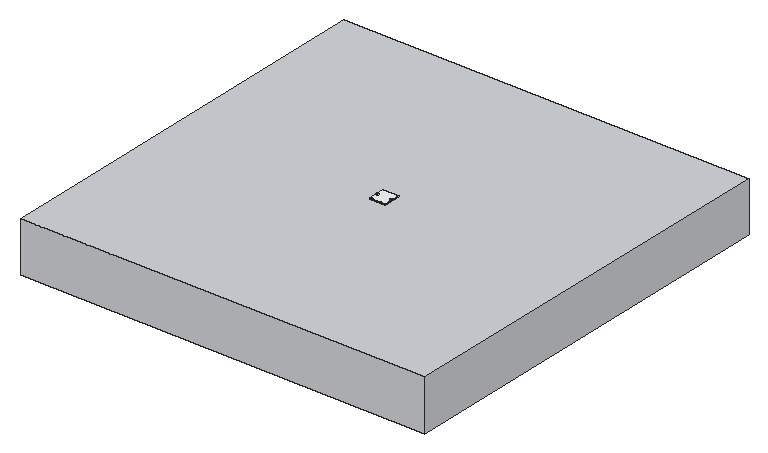
Revit family "Gira_5001003", category Elektroinstallationen, Revit 2017
Family settings
  Basisbauteil = Fläche
  Beschriftungsausrichtung beibehalten = Nein
  Bemaßung runder Anschluss = Durchmesser verwenden
  Teiletyp = Normal
  Beim Laden mit Abzugskörper schneiden = Nein
  Gemeinsam genutzt = Nein
  Raumberechnungspunkt = Nein
Parameters (values of type "KNX Tastsens.4 Komfort 1f TS4 Weiß")
  White = White
  Werkstoffgüte = ""
  Werkstoff Text = ""
  Default Elevation = 1219.2 mm
  URL = "https://www.gira.de/"
  Typname = "KNX Tastsens.4 Komfort 1f TS4 Weiß"
  Type Comments = ""
  Transparent = no
  Schutzart (IP) = "IP21"
  Produktseite = "https://media.stage.bim.site/t/eyJhbGciOiJIUzI1NiIsInR5cCI6IkpXVCJ9.eyJjdCI6MiwidHUiOiJodHRwOi8va2F0YWxvZy5naXJhLmRlL2RlX0RFL2RhdGVuYmxhdHQuaHRtbD9hcnRpa2VsbnI9NTAwMTAwMyIsImNpZCI6IjMyNzdjYzIzLTgxYTktNGVlMy1hOTBhLWI0N2JiNGMwYjYxNiIsInJpZCI6ImExODRmZTNmMGFhNzI4Njk4MGJjZjYzZGZhMzYxODMxIiwicGlkIjoiYzYzOTE0MmQ5NTFhODRmMzU5OWQ3ZmQxMjJhMWUzMzJiNmQ3NDJjOCIsInNpZCI6IjYzNDcwIiwidXQiOjEsImxjIjoiZGUiLCJpYXQiOjE2MDA5NDExNDIsImlzcyI6Imh0dHBzOi8vYXBpLmxpdmUuYmltLnNpdGUiLCJzdWIiOiJhZG1pbkBiaW1zaXRlLmRldiJ9.bgzS4sTUPuiYyn-VMR2Fw9MdtiNxAyeMGuNn9QzcdJk"
  Oberfläche Text = ""
  Montageart = "Unterputz"
  Model = ""
  Mit Raumthermostat = no
  Mit LED-Anzeige = yes
  Mit Infrarotsensor = no
  Mit Display = no
  Mit Diebstahl-/Demontageschutz = yes
  Mit Busankopplung = yes
  Mit Beschriftungsfeld = no
  Kosten = 0
  Hersteller = "Gira"
  HeinzeBIM = "https://www.heinze.de/bim/knx-tastsens-4-komfort-1f-ts4-weiss/c639142d951a84f3599d7fd122a1e332b6d742c8"
  HAN = "5001003"
  GTIN = "4010337070870"
  Funk bidirektional = no
  Farbe = "weiß"
  Datenblatt 1 = "https://media.stage.bim.site/t/eyJhbGciOiJIUzI1NiIsInR5cCI6IkpXVCJ9.eyJjdCI6MSwidGYiOiJwdWJsaWMvZ2lyYS9hZThjNTU3LzUwMDEwMDMudHh0IiwiY2lkIjoiMzI3N2NjMjMtODFhOS00ZWUzLWE5MGEtYjQ3YmI0YzBiNjE2IiwicmlkIjoiYTE4NGZlM2YwYWE3Mjg2OTgwYmNmNjNkZmEzNjE4MzEiLCJwaWQiOiJjNjM5MTQyZDk1MWE4NGYzNTk5ZDdmZDEyMmExZTMzMmI2ZDc0MmM4Iiwic2lkIjoiNjM0NzAiLCJ1dCI6MSwibGMiOiJkZSIsImlhdCI6MTYwMDk0MTE0MiwiaXNzIjoiaHR0cHM6Ly9hcGkubGl2ZS5iaW0uc2l0ZSIsInN1YiI6ImFkbWluQGJpbXNpdGUuZGV2In0._op-LMkeBYYIZSiuDVlBTPbyiFScUDqINGquTne17aM/5001003.txt"
  Datenblatt = "https://media.stage.bim.site/t/eyJhbGciOiJIUzI1NiIsInR5cCI6IkpXVCJ9.eyJjdCI6MSwidHUiOiJodHRwczovL2thdGFsb2cuZ2lyYS5kZS9kZV9ERS9kb3dubG9hZC5odG1sP2FydGlrZWxucj01MDAxMDAzIiwiY2lkIjoiMzI3N2NjMjMtODFhOS00ZWUzLWE5MGEtYjQ3YmI0YzBiNjE2IiwicmlkIjoiYTE4NGZlM2YwYWE3Mjg2OTgwYmNmNjNkZmEzNjE4MzEiLCJwaWQiOiJjNjM5MTQyZDk1MWE4NGYzNTk5ZDdmZDEyMmExZTMzMmI2ZDc0MmM4Iiwic2lkIjoiNjM0NzAiLCJ1dCI6MSwibGMiOiJkZSIsImlhdCI6MTYwMDk0MTE0MiwiaXNzIjoiaHR0cHM6Ly9hcGkubGl2ZS5iaW0uc2l0ZSIsInN1YiI6ImFkbWluQGJpbXNpdGUuZGV2In0.lEi3i9RBnMTsliRVxYVJEuGm6nshTy7mvQIuzsINhBI"
  Bussystem Powernet = no
  Bussystem LON = no
  Bussystem KNX-Funk = no
  Bussystem KNX = yes
  Bussystem Funkbus = no
  Beschreibung = "KNX Tastsensor 4 Komfort 1fach   Weiß Merkmale:  Tastsensor mit integriertem Busankoppler und der Möglichkeit einen verdrahteten Fernfühler anzuschließen.  Wippen- oder Tastenfunktion für jede Bedienfläche einstellbar.  Funktionen: Schalten, Dimmen, Jalousie, Wertgeber, Szenennebenstelle, 2-Kanal-Bedienung und Reglernebenstelle.  Schalten: Reaktion beim Drücken und   oder Loslassen, Einschalten, Ausschalten, Umschalten.  Dimmen: Zeiten für kurze und lange Betätigung, Dimmen in verschiedenen Stufen, Telegrammwiederholung bei langer Betätigung, Senden eines Stopptelegramms bei Ende der Betätigung.  Jalousiesteuerung: vier verschiedene Bedienkonzepte mit Zeiten für kurze und lange Betätigung und Lamellenverstellung.  Wertgeberfunktion: Wahl des Wertebereichs, Wert bei Betätigung.  Szenennebenstelle: mit oder ohne Speicherfunktion, Abruf interne Szene mit oder ohne Speicherfunktion.  2-Kanal-Bedienung: Für jede Wippe oder jede Taste kann die Bedienung von zwei unabhängigen Kanälen eingestellt werden. Dadurch können durch einen Tastendruck bis zu zwei Telegramme auf den Bus gesendet werden. Die Kanäle können unabhängig voneinander auf die Funktionen Schalten, Wertgeber oder Szene aufrufen parametriert werden. Reglernebenstelle- Eigenschaften:  Durch die Tastsensorfunktion Reglernebenstelle können externe Raumtemperaturregler angesteuert werden.  Betriebsmodusumschaltung, Zwang-Betriebsmodusumschaltung, Präsenzfunktion und Sollwertverschiebung.  Auswertung des Reglerzustandes über die Status-LED. Funktionen der Status-LED:  Jede Status-LED kann unabhängig zur Bedienfläche parametriert werden.  Die Status-LED können wahlweise rot, grün, blau, gelb, cyan, orange, violett oder weiß leuchten.  Funktionen Status-LED: immer AUS, immer EIN, Betätigungsanzeige, Telegrammquittierung, Statusanzeige, invertierte Statusanzeige, Ansteuerung über separates LED-Objekt, Betriebsmodusanzeige, Anzeige Reglerstatus, Anzeige Präsenzstatus und Anzeige invertierter Präsenzstatus.  Zusätzlich kann für jede Status-LED eine überlagerte Funktion freigegeben werden, wodurch eine andere Farbe und Anzeigeart eingestellt werden kann. Allgemeine Funktionen:  LED Alarmmeldung: Sämtliche LED des Tastsensors können bei einer Alarmmeldung gleichzeitig rot blinken.  LED Orientierungsbeleuchtung: Zur Orientierung können alle LED dauerhaft ausgeschaltet oder eingeschaltet sein, den Status eines separaten Kommunikationsobjekts anzeigen (EIN, AUS, blinken) oder bei einem beliebigen Tastendruck eingeschaltet und nach Ablauf einer Verzögerungszeit automatisch wieder abgeschaltet werden.  LED Nachtabsenkung: Steuerung der Helligkeit aller Status-LED durch ein Kommunikationsobjekt. Dadurch ist beispielsweise das Reduzieren der Helligkeit während der Nachtstunden auf einen in der ETS konfigurierten Wert möglich.  Sperrfunktion zum Sperren von einzelnen Tasten- bzw. Wippen.  Szenenfunktion: Interne Speicherung von bis zu acht Szenen mit acht Ausgangskanälen.  Temperaturmessung: Raumtemperaturmessungen durch internen Fühler, internen und verdrahteten Fernfühler oder internen und externen Fühler.  Raumfeuchtemessung: Messung der Raumfeuchte durch internen Fühler.  Demontageschutz  Updatefähig und vorbereitet für KNX Secure.  Hinweise :  Professionelle Beschriftung über den Gira Beschriftungsservice www.beschriftung.gira.de.  Der Tastsensor wird mit einer programmneutralen Inbetriebnahme-Wippe geliefert. Das passende Wippenset zum Schalterprogramm ist separat zu bestellen."
  Assembly Code = ""
  Keynote = ""
  BIMSITE_PRODUCT_ID = "c639142d951a84f3599d7fd122a1e332b6d742c8"
  BIM = "https://media.stage.bim.site/t/eyJhbGciOiJIUzI1NiIsInR5cCI6IkpXVCJ9.eyJjdCI6MSwidGYiOiJwdWJsaWMvZ2lyYS9hZThjNTU3LzQwXzUwMDEwMCBUUzQgMWZhY2gucmZhIiwiY2lkIjoiMzI3N2NjMjMtODFhOS00ZWUzLWE5MGEtYjQ3YmI0YzBiNjE2IiwicmlkIjoiYTE4NGZlM2YwYWE3Mjg2OTgwYmNmNjNkZmEzNjE4MzEiLCJwaWQiOiJjNjM5MTQyZDk1MWE4NGYzNTk5ZDdmZDEyMmExZTMzMmI2ZDc0MmM4Iiwic2lkIjoiNjM0NzAiLCJ1dCI6NSwibGMiOiJkZSIsImlhdCI6MTYwMDk0MTE0MiwiaXNzIjoiaHR0cHM6Ly9hcGkubGl2ZS5iaW0uc2l0ZSIsInN1YiI6ImFkbWluQGJpbXNpdGUuZGV2In0.ygKmNE3xZjE71P4x12tQM-OQ4uxnnGts6yF0GpeEHr4/40_500100 TS4 1fach.rfa"
  Anzahl der Tasten = 1
  Anzahl der Betätigungspunkte = 0
  Andere Bussysteme = "ohne"
Reference planes
  plane 1 "Center (Front/Back)": y = 0
  plane 2: z = 0
  plane 3 "Center (Left/Right)": x = 0
Forms (mm)
  Extrusion 1, solid
    sketch origin (0, 0, 0) x (1, 0, 0) y (0, 1, 0)
      loop
        line (-1219.2, 1219.2) -> (-1219.2, -1219.2) -> (1219.2, -1219.2) -> (1219.2, 1219.2) -> (-1219.2, 1219.2)
    from 0 to -304.8
  Extrusion 2, solid, material "White", detail levels fine
    sketch origin (0, 0, 0) x (1, 0, 0) y (0, 1, 0)
      loop
        line (25.45, 35.45) -> (-25.45, 35.45)
        arc (-25.45, 35.45) -> (-32.521, 32.521) -> (-35.45, 25.45) r 10
        line (-35.45, 25.45) -> (-35.45, -25.45)
        arc (-35.45, -25.45) -> (-32.521, -32.521) -> (-25.45, -35.45) r 10
        line (-25.45, -35.45) -> (25.45, -35.45)
        arc (25.45, -35.45) -> (32.521, -32.521) -> (35.45, -25.45) r 10
        line (35.45, -25.45) -> (35.45, 25.45)
        arc (35.45, 25.45) -> (32.521, 32.521) -> (25.45, 35.45) r 10
      loop
        arc (-31.325, 28.496) -> (-31.325, 25.668) -> (-28.496, 25.668) r 2
        line (-28.496, 25.668) -> (-25.668, 28.496)
        arc (-25.668, 28.496) -> (-25.668, 31.325) -> (-28.496, 31.325) r 2
        line (-28.496, 31.325) -> (-31.325, 28.496)
      loop
        arc (-28.496, -31.325) -> (-25.668, -31.325) -> (-25.668, -28.496) r 2
        line (-25.668, -28.496) -> (-28.496, -25.668)
        arc (-28.496, -25.668) -> (-31.325, -25.668) -> (-31.325, -28.496) r 2
        line (-31.325, -28.496) -> (-28.496, -31.325)
      loop
        line (31.325, 28.496) -> (28.496, 31.325)
        arc (28.496, 31.325) -> (25.668, 31.325) -> (25.668, 28.496) r 2
        line (25.668, 28.496) -> (28.496, 25.668)
        arc (28.496, 25.668) -> (31.325, 25.668) -> (31.325, 28.496) r 2
      loop
        line (28.496, -31.325) -> (31.325, -28.496)
        arc (31.325, -28.496) -> (31.325, -25.668) -> (28.496, -25.668) r 2
        line (28.496, -25.668) -> (25.668, -28.496)
        arc (25.668, -28.496) -> (25.668, -31.325) -> (28.496, -31.325) r 2
      loop
        line (-13.39, 22.831) -> (-22.831, 13.39) -> (-22.831, -13.39) -> (-13.39, -22.831) -> (13.39, -22.831) -> (22.831, -13.39) -> (22.831, 13.39) -> (13.39, 22.831) -> (-13.39, 22.831)
      loop
        arc (-1.681, 31.793) -> (-6.669, 29.581) -> (-1.417, 28.102) r 2.9
        arc (-1.417, 28.102) -> (2.178, 28.079) -> (5.741, 27.6) r 28.291
        arc (5.741, 27.6) -> (7.553, 29.282) -> (6.077, 31.265) r 1.851
        arc (6.077, 31.265) -> (2.215, 31.784) -> (-1.681, 31.793) r 29.64
      loop
        arc (1.681, -31.793) -> (6.669, -29.581) -> (1.417, -28.102) r 2.9
        arc (1.417, -28.102) -> (-2.178, -28.079) -> (-5.741, -27.6) r 28.291
        arc (-5.741, -27.6) -> (-7.553, -29.282) -> (-6.077, -31.265) r 1.851
        arc (-6.077, -31.265) -> (-2.215, -31.784) -> (1.681, -31.793) r 29.64
      loop
        arc (-31.793, -1.681) -> (-29.581, -6.669) -> (-28.102, -1.417) r 2.9
        arc (-28.102, -1.417) -> (-28.079, 2.178) -> (-27.6, 5.741) r 28.291
        arc (-27.6, 5.741) -> (-29.282, 7.553) -> (-31.265, 6.077) r 1.851
        arc (-31.265, 6.077) -> (-31.784, 2.215) -> (-31.793, -1.681) r 29.64
      loop
        arc (31.793, 1.681) -> (29.581, 6.669) -> (28.102, 1.417) r 2.9
        arc (28.102, 1.417) -> (28.079, -2.178) -> (27.6, -5.741) r 28.291
        arc (27.6, -5.741) -> (29.282, -7.553) -> (31.265, -6.077) r 1.851
        arc (31.265, -6.077) -> (31.784, -2.215) -> (31.793, 1.681) r 29.64
    from 0 to -1
  Extrusion 3, solid, material "White", detail levels medium+fine
    sketch origin (0, 0, 0) x (1, 0, 0) y (0, 1, 0)
      loop
        line (-22.831, 13.39) -> (-22.831, -13.39) -> (-13.39, -22.831) -> (13.39, -22.831) -> (22.831, -13.39) -> (22.831, 13.39) -> (13.39, 22.831) -> (-13.39, 22.831) -> (-22.831, 13.39)
    from 0 to -15.5
  Extrusion 4, solid, material "White", detail levels medium
    sketch origin (0, 0, 0) x (1, 0, 0) y (0, 1, 0)
      loop
        line (35.45, 35.45) -> (-35.45, 35.45) -> (-35.45, -35.45) -> (35.45, -35.45) -> (35.45, 35.45)
    from 0 to -1
  Extrusion 5, solid, material "White" <- "White", detail levels fine
    sketch origin (0, 0, 0) x (1, 0, 0) y (0, 1, 0)
      loop
        arc (-41.4, 44.4) -> (-43.521, 43.521) -> (-44.4, 41.4) r 3
        line (-44.4, 41.4) -> (-44.4, -41.4)
        arc (-44.4, -41.4) -> (-43.521, -43.521) -> (-41.4, -44.4) r 3
        line (-41.4, -44.4) -> (41.4, -44.4)
        arc (41.4, -44.4) -> (43.521, -43.521) -> (44.4, -41.4) r 3
        line (44.4, -41.4) -> (44.4, 41.4)
        arc (44.4, 41.4) -> (43.521, 43.521) -> (41.4, 44.4) r 3
        line (41.4, 44.4) -> (-41.4, 44.4)
      loop
        arc (-42.4, -41.4) -> (-42.107, -42.107) -> (-41.4, -42.4) r 1
        line (-41.4, -42.4) -> (41.4, -42.4)
        arc (41.4, -42.4) -> (42.107, -42.107) -> (42.4, -41.4) r 1
        line (42.4, -41.4) -> (42.4, 41.4)
        arc (42.4, 41.4) -> (42.107, 42.107) -> (41.4, 42.4) r 1
        line (41.4, 42.4) -> (-41.4, 42.4)
        arc (-41.4, 42.4) -> (-42.107, 42.107) -> (-42.4, 41.4) r 1
        line (-42.4, 41.4) -> (-42.4, -41.4)
    from 0 to 4
  Extrusion 6, solid, material "White" <- "White", detail levels medium
    sketch origin (0, 0, 0) x (1, 0, 0) y (0, 1, 0)
      loop
        line (-44.4, 44.4) -> (-44.4, -44.4) -> (44.4, -44.4) -> (44.4, 44.4) -> (-44.4, 44.4)
    from 0 to 4
  Extrusion 7, solid, material "White" <- "White", detail levels fine
    sketch origin (0, 0, 0) x (1, 0, 0) y (0, 1, 0)
      loop
        line (-46.5, -47.5) -> (46.5, -47.5)
        arc (46.5, -47.5) -> (47.207, -47.207) -> (47.5, -46.5) r 1
        line (47.5, -46.5) -> (47.5, 46.5)
        arc (47.5, 46.5) -> (47.207, 47.207) -> (46.5, 47.5) r 1
        line (46.5, 47.5) -> (-46.5, 47.5)
        arc (-46.5, 47.5) -> (-47.207, 47.207) -> (-47.5, 46.5) r 1
        line (-47.5, 46.5) -> (-47.5, -46.5)
        arc (-47.5, -46.5) -> (-47.207, -47.207) -> (-46.5, -47.5) r 1
    from 4 to 9
  Extrusion 8, solid, material "White" <- "White", detail levels medium
    sketch origin (0, 0, 0) x (1, 0, 0) y (0, 1, 0)
      loop
        line (-47.5, -47.5) -> (47.5, -47.5) -> (47.5, 47.5) -> (-47.5, 47.5) -> (-47.5, -47.5)
    from 4 to 10.7
  Extrusion 9, solid, material "White" <- "White", detail levels fine
    sketch origin (0, 0, 0) x (1, 0, 0) y (0, 1, 0)
      loop
        line (-46.5, -47.5) -> (46.5, -47.5)
        arc (46.5, -47.5) -> (47.207, -47.207) -> (47.5, -46.5) r 1
        line (47.5, -46.5) -> (47.5, 46.5)
        arc (47.5, 46.5) -> (47.207, 47.207) -> (46.5, 47.5) r 1
        line (46.5, 47.5) -> (-46.5, 47.5)
        arc (-46.5, 47.5) -> (-47.207, 47.207) -> (-47.5, 46.5) r 1
        line (-47.5, 46.5) -> (-47.5, -46.5)
        arc (-47.5, -46.5) -> (-47.207, -47.207) -> (-46.5, -47.5) r 1
    from 9.3 to 10.3
  Extrusion 10, solid, material "White" <- "White", detail levels fine
    sketch origin (0, 0, 0) x (1, 0, 0) y (0, 1, 0)
      loop
        line (-37.5, 5) -> (-47.5, 5) -> (-47.5, 4.2) -> (-37.5, 4.2)
        arc (-37.5, 4.2) -> (-33.3, 0) -> (-37.5, -4.2) r 4.2
        line (-37.5, -4.2) -> (-47.5, -4.2) -> (-47.5, -5) -> (-37.5, -5)
        arc (-37.5, -5) -> (-32.5, 0) -> (-37.5, 5) r 5
      loop
        arc (37.5, 5) -> (32.5, 0) -> (37.5, -5) r 5
        line (37.5, -5) -> (47.5, -5) -> (47.5, -4.2) -> (37.5, -4.2)
        arc (37.5, -4.2) -> (33.3, 0) -> (37.5, 4.2) r 4.2
        line (37.5, 4.2) -> (47.5, 4.2) -> (47.5, 5) -> (37.5, 5)
    from 9.5 to 10.7
  Extrusion 11, solid, material "White" <- "White", detail levels coarse
    sketch origin (0, 0, 0) x (1, 0, 0) y (0, 1, 0)
      loop
        line (-47.5, -47.5) -> (47.5, -47.5) -> (47.5, 47.5) -> (-47.5, 47.5) -> (-47.5, -47.5)
    from -15.4 to 10.7
Lines and regions (mm)
  reference lines
    curve 1: line (0, 47.5, 0) -> (0, -47.5, 0)
    curve 2: line (-47.5, 0, 0) -> (47.5, 0, 0)
Dimensions and locks
  aligned and locked: plane 2 to Extrusion 1
  aligned and locked: level to Extrusion 1
Connectors
  electrical at (0, 0, -15.5)
    settings: on Extrusion 3, index 1, voltage 220 V, apparent load 0 VA, apparent load phase1 0 VA, apparent load phase2 0 VA, apparent load phase3 0 VA, power factor 1, load classification "Other", number of poles 1, system type 31, power factor state 1, is connector primary yes, connector utility no, sub classification motor no, connector description ""
